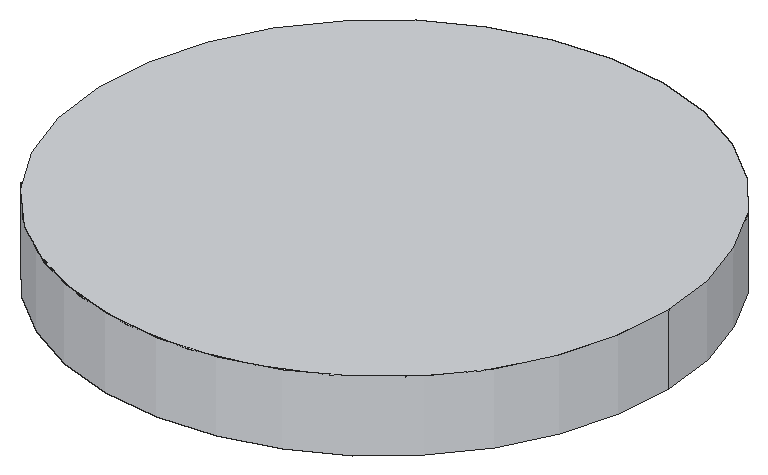
Revit family "5f664f703b734f62ac31409b1c69c5c4", category Electrical Equipment, host Face, Revit 2021
Family settings
  Host = Face
  Panel Configuration = Two Columns, Circuits Across
  Round Connector Dimension = Use Diameter
  Part Type = Panelboard
  OmniClass Number = 23.80.30.11.17
  OmniClass Title = Distribution Boards and Control Panels
  Seek Item ID = Electrical Equipment - Balanced Power Connector-0000-USA-ENU
  Cut with Voids When Loaded = No
  Shared = No
  Room Calculation Point = No
Parameters (values of type "480 V")
  Thickness = 0' - 0 1/8"
  built-in parameter 1140142 [instance] = -1
  Radius = 0.5 * Diameter  # 0' - 0 1/2"
  built-in parameter 1140140 [instance] = 1 (stored number, unit not read)
  Load Classification = Other
  built-in parameter 1155100 [instance] = -1
  Diameter = 0' - 1"
  Default Elevation = 4' - 0"
  Connector Voltage = 480 V
  Connector Number of Poles = 3
Types (6): name | Connector Voltage | Connector Number of Poles
  (no name) | 480 V | 3
  120 V | 120 V | 1
  208 V | 208 V | 3
  277 V | 277 V | 1
  240 V | 240 V | 2
  480 V | 480 V | 3
Reference planes (in)
  plane 1 "Center (Front/Back)": y = 0
  plane 2: z = 0
  plane 3 "Center (Left/Right)": x = 0
  plane 4: z = 0.125
Forms (in)
  Extrusion 1, solid
    sketch origin (0, 0, 0) x (1, 0, 0) y (0, 1, 0)
      loop
        circle (0, 0) r 0.5
    from 0 to 0.125
Dimensions and locks (in)
  "Thickness": plane 4 to level
  "Radius": radius of Extrusion 1 sketch curve
  aligned and locked: plane 2 to host face
  aligned and locked: level to host face
  aligned and locked: plane 4 to Extrusion 1
  aligned and locked: plane 1 "Center (Front/Back)" to Extrusion 1 sketch curve
  aligned and locked: plane 3 "Center (Left/Right)" to Extrusion 1 sketch curve
Automatic sketch dimensions
  host sketch curve to host sketch curve = 8' - 0"  (x2)
Connectors (in)
  electrical at (0, 0, 0.125), driven by "Connector Number of Poles", driven by "Connector Voltage", driven by "Load Classification"
    settings: on Extrusion 1, index 1, voltage 480 V, apparent load 0 VA, apparent load phase1 0 VA, apparent load phase2 0 VA, apparent load phase3 0 VA, power factor 1, load classification "Other", number of poles 3, system type 30, power factor state 1, is connector primary yes, connector utility no, sub classification motor no, connector description ""
